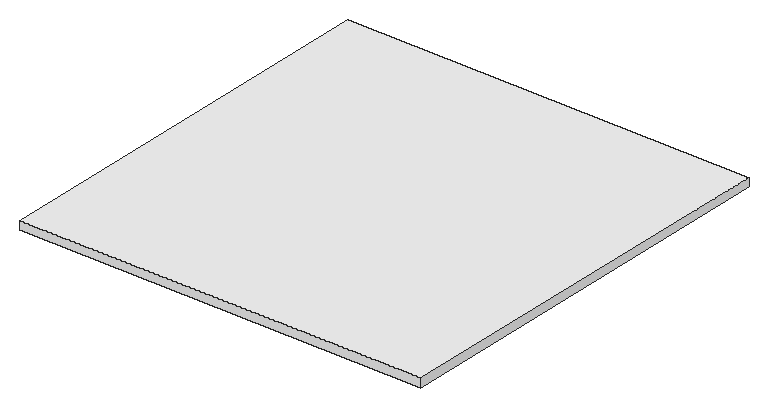
Revit family "ROTHOB_Rothoblaas_Tape_InvisiBand", category Structural Connections, host Face, Revit 2020
Family settings
  Host = Face
  Material for Model Behavior = Other
  OmniClass Number = 23.13.23.17
  OmniClass Title = General Purpose Tape
  Enable cutting in views = Yes
  Cut with Voids When Loaded = No
  Shared = No
Parameters (values of type "INVISI BAND")
  WarrantyStartDate [instance] = ""
  WarrantyGuarantorParts = "n/a"  # constant formula
  WarrantyGuarantorLabor = "n/a"  # constant formula
  WarrantyDurationUnit = "n/a"  # constant formula
  WarrantyDurationParts = "n/a"  # constant formula
  WarrantyDurationLabor = "n/a"  # constant formula
  WarrantyDescription = "n/a"  # constant formula
  Version = "1"  # constant formula
  UniClass2015Version = "Products v1.33"  # constant formula
  UniClass2015Title = "Acrylic adhesive sealant tapes"  # constant formula
  UniClass2015Code = "Pr_35_90_87_02"  # constant formula
  Tipo IFC predefinito = "USERDEFINED"  # constant formula
  SustainabilityPerformance = "n/a"  # constant formula
  Size = "n/a"  # constant formula
  ShearAdhesionStrength_Joint_PP_Membrane_24hours = "70,0 N/50 mm"  # constant formula
  Shape = "Bidimensional"  # constant formula
  Revision = "n/a"  # constant formula
  ResistanceTemperature = "-30/+80 °C"  # constant formula
  ReplacementCost = "n/a"  # constant formula
  ObjectMaterial = ROTHOB_Rothoblaas_Polyethylene
  NominalWidth = "n/a"  # constant formula
  NominalHeight = "n/a"  # constant formula
  FireResistanceRating_PlainCLT_100mm_5mm_Joint_Combined with joint cover board = "EI 90"  # constant formula
  ExposureWeather = "12 months"  # constant formula
  Default Elevation = 1.2192 m
  ProductInformation = "https://www.rothoblaas.com/products/airtightness-and-waterproofing/tapes-and-sealants/tapes-and-profiles/invisi-band#invisi%20band"  # constant formula
  OmniClassVersion = "2012-05-16"  # constant formula
  OmniClassTitle = "General Purpose Tape"  # constant formula
  OmniClassCode = "23.13 23.17"  # constant formula
  NominalLength = "n/a"  # constant formula
  InstallationDate [instance] = ""
  Length_L [instance] = 0.046658 m
  Name = "Tape"  # constant formula
  ModelReference = "n/a"  # constant formula
  ModelNumber = "n/a"  # constant formula
  ModelDisclaimer = "The latest version of the data sheets can be found on our website"  # constant formula
  Material = "Polyethylene"  # constant formula
  ManufacturerURL = "www.rothoblaas.com"  # constant formula
  ManufacturerName = "ROTHO BLAAS SRL"  # constant formula
  Manufacturer = "info@rothoblaas.com"  # constant formula
  IfcExportType = "USERDEFINED"  # constant formula
  IfcExportAs = "IfcBuildingElementProxyType"  # constant formula
  Width_B [instance] = 0.04758 m
  Grade = "n/a"  # constant formula
  Finish = "PE special film"  # constant formula
  Features = "n/a"  # constant formula
  ExpectedLife = "n/a"  # constant formula
  Esporta tipo in formato IFC con nome = "IfcBuildingElementProxyType"  # constant formula
  DurationUnit = "Years"  # constant formula
  Description = "Transparent single-sided adhesive tape without liner, resistant to UV and high temperatures"  # constant formula
  Constituents = "n/a"  # constant formula
  Color = "Transparent"  # constant formula
  CodePerformance = "n/a"  # constant formula
  Category = "Pr_35_90_87_02 - Acrylic adhesive sealant tapes"  # constant formula
  BIMObjectName = "ROTHOB_Rothoblaas_Tape_InvisiBand"  # constant formula
  Author = "Vitor Ferronato"  # constant formula
  AssetType = "n/a"  # constant formula
  ApplicationTemperature = "-10/+35 °C"  # constant formula
  AdhesionStrength_Average_PP_Membrane_24hours = "25,0 N/50 mm"  # constant formula
  AdhesionStrengthOSB_90°_10minutes = "4,5 N/10 mm"  # constant formula
  AdhesionStrengthOSB_180°_10minutes = "10,0 N/10 mm"  # constant formula
  AccessibilityPerformance = "n/a"  # constant formula
Reference planes (m)
  plane 1 "Centro (Fronte/Retro)": y = 0
  plane 2: z = 0
  plane 3 "Centro (Sinistra/Destra)": x = 0
  plane 4: y = 0.02379
  plane 5: y = -0.02379
  plane 6: x = 0.023329
  plane 7: x = -0.023329
Forms (m)
  Extrusion 1, solid, material "ROTHOB_Rothoblaas_Polyethylene" <- "ObjectMaterial"
    sketch origin (0, 0, 0) x (1, 0, 0) y (0, 1, 0)
      loop
        line (-0.023329, 0.02379) -> (-0.023329, -0.02379) -> (0.023329, -0.02379) -> (0.023329, 0.02379) -> (-0.023329, 0.02379)
    from 0 to 0.001
Dimensions and locks (m)
  equal spacing: host sketch curve, plane 3 "Centro (Sinistra/Destra)", host sketch curve
  host sketch curve to host sketch curve = 0.05 m  (x2)
  equal spacing: host sketch curve, plane 1 "Centro (Fronte/Retro)", host sketch curve
  equal spacing: plane 7, plane 3 "Centro (Sinistra/Destra)", plane 6
  equal spacing: plane 4, plane 1 "Centro (Fronte/Retro)", plane 5
  "Width_B": plane 4 to plane 5
  "Length_L": plane 7 to plane 6
  aligned and locked: plane 2 to host face
  aligned and locked: level to host face
  aligned and locked: Extrusion 1 sketch curve to plane 4
  aligned and locked: Extrusion 1 sketch curve to plane 5
  aligned and locked: Extrusion 1 sketch curve to plane 6
  aligned and locked: Extrusion 1 sketch curve to plane 7
